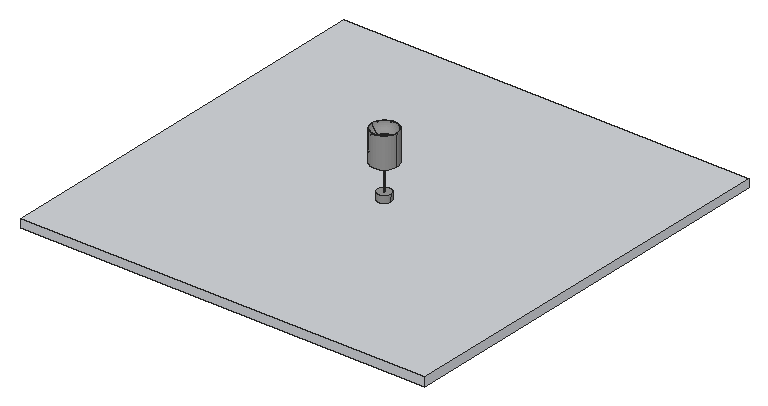
Revit family "LAMP_KOMBIC 150 SURFACE 3500 CRI80 OPAL", category Luminarias, Revit 2018
Family settings
  Anfitrión = Cara
  Cota de conector redondo = Diámetro de uso
  Tipo de pieza = Normal
  Corte con vacíos al cargar = No
  Origen de luz = Sí
  Compartido = No
  Punto de cálculo de habitación = No
Parameters (values of type "2673LM 3000K  M/B")
  Ángulo de inclinación = -90.00°
  Weight = 1.478 kg
  UGR = ""
  Type = "COB PHILIPS"
  Protection rating = "IP40"
  Product datasheet = "http://www.lamp.es/product-files/TECH/K21SF3540OP830NMB-EN.pdf"
  Product code = "K21SF3540OP830NMB"
  Product URL = "https://www.lamp.es/en/family/kombic-surface_474354"
  Power Supply = "220-240V 50/60Hz"
  Power = 25 W
  Plum = 28 W
  Modelo = Product code  # "K21SF3540OP830NMB"
  Model explanation = "Possibility of chossing between surface or suspended within the model"
  Material reflector = LAMP_PC Reflector Kombic Metalizado Mate
  Material floron = LAMP_Plástico genérico NG
  Material difusor = LAMP_PMMA Difusor Kombic
  Material cuerpo = LAMP_Plástico genérico NG
  Material cable suspension = LAMP_Acero genérico
  Manufacturer name = "LAMP"
  Manufacturer country = "Spain"
  Manufacturer URL = "http://www.lamp.es/en"
  MacAdam = "3"
  Luminaire type = "Suspended"
  Last update = "02/09/2021"
  Lamp = "COB LED"
  LED Lifetime = "50.000 L80 B10"
  Insulation class = "II"
  Installation instructions = "https://www.lamp.es/product-files/packed/by-family/474354_INS_all.zip"
  IEE = "A+"
  Height suspension [instance] = 200 mm
  Height distance [instance] = if(Surface, 0.1 mm, if(Ceiling rose, if(Height suspension > 38 mm, if(Height suspension < 2000 mm, Height suspension, 2000 mm), 38 mm), 37 mm))  # 200 mm
  Wattage = 28 W
  built-in parameter 1150107 = 3000 (stored number, unit not read)
  Surface [instance] = no
  built-in parameter 1150110 = 1 (stored number, unit not read)
  built-in parameter 1150109 = 1 (stored number, unit not read)
  built-in parameter 1150112 = 1 (stored number, unit not read)
  built-in parameter 1150113 = 1 (stored number, unit not read)
  built-in parameter 1114218 = 1 (stored number, unit not read)
  built-in parameter 1150137 = (empty or 0)
  built-in parameter 1150132 = 2
  built-in parameter 1150105 = 2646.9 (stored number, unit not read)
  built-in parameter 1150102 = (empty or 0)
  built-in parameter 1150106 = 26.469 (stored number, unit not read)
  Height = 180 mm
  Gear = "Electronic"
  Lumens = 2674 lm
  Finish = "Matte black RAL 9011"
  Color Filter = 16777215
  built-in parameter 1114217 = 1 (stored number, unit not read)
  built-in parameter 1150139 = (empty or 0)
  Fabricante = Manufacturer name  # "LAMP"
  Default Elevation = 1219.2 mm
  built-in parameter 1150104 = 8.8722 (stored number, unit not read)
  Efficacy = 95.5 lm/W
  Diameter = 150 mm
  built-in parameter 1150115 = 1 (stored number, unit not read)
  built-in parameter 1150114 = 1 (stored number, unit not read)
  built-in parameter 1150138 = (empty or 0)
  built-in parameter 1150134 = (empty or 0)
  Ceiling rose [instance] = not(Surface)  # yes
  Dimming Lamp Color Temperature Shift = (empty or 0)
  CRI = "80"
  Archivo de red fotométrica = "K21SF3540OP830NMB.IES"
  built-in parameter 1150133 = 10 (stored number, unit not read)
Types (12, lengths in mm): name | Product datasheet | Product code | Modelo | Material reflector | Material floron | Material cuerpo | Wattage | built-in parameter 1150107 | built-in parameter 1150105 | built-in parameter 1150106 | Lumens | Finish | built-in parameter 1150104 | Efficacy | built-in parameter 1150134 | Archivo de red fotométrica
  2673LM 3000K  M/B | "http://www.lamp.es/product-files/TECH/K21SF3540OP830NMB-EN.pdf" | "K21SF3540OP830NMB" | "K21SF3540OP830NMB" | LAMP_PC Reflector Kombic Metalizado Mate | LAMP_Plástico genérico NG | LAMP_Plástico genérico NG | 28 W | 3000 (stored number, unit not read) | 2646.9 (stored number, unit not read) | 26.469 (stored number, unit not read) | 2674 lm | "Matte black RAL 9011" | 8.8722 (stored number, unit not read) | 95.5 lm/W | (empty or 0) | "K21SF3540OP830NMB.IES"
  2673LM 3000K  M/W | "http://www.lamp.es/product-files/TECH/K21SF3540OP830NMW-EN.pdf" | "K21SF3540OP830NMW" | "K21SF3540OP830NMW" | LAMP_PC Reflector Kombic Metalizado Mate | LAMP_Plástico genérico BL | LAMP_Plástico genérico BL | 28 W | 3000 (stored number, unit not read) | 2646.9 (stored number, unit not read) | 26.469 (stored number, unit not read) | 2674 lm | "Matte white RAL 9010" | 8.8722 (stored number, unit not read) | 95.5 lm/W | (empty or 0) | "K21SF3540OP830NMW.IES"
  2759LM 3000K  W/B | "http://www.lamp.es/product-files/TECH/K21SF3540OP830NWB-EN.pdf" | "K21SF3540OP830NWB" | "K21SF3540OP830NWB" | LAMP_PC Reflector Kombic Blanco | LAMP_Plástico genérico NG | LAMP_Plástico genérico NG | 28 W | 3000 (stored number, unit not read) | 2730.1 (stored number, unit not read) | 27.301 (stored number, unit not read) | 2758 lm | "Matte black RAL 9011" | 9.1509 (stored number, unit not read) | 98.5 lm/W | (empty or 0) | "K21SF3540OP830NWB.IES"
  2759LM 3000K  W/W | "http://www.lamp.es/product-files/TECH/K21SF3540OP830NWW-EN.pdf" | "K21SF3540OP830NWW" | "K21SF3540OP830NWW" | LAMP_PC Reflector Kombic Blanco | LAMP_Plástico genérico BL | LAMP_Plástico genérico BL | 28 W | 3000 (stored number, unit not read) | 2730.1 (stored number, unit not read) | 27.301 (stored number, unit not read) | 2758 lm | "Matte white RAL 9010" | 9.1509 (stored number, unit not read) | 98.5 lm/W | (empty or 0) | "K21SF3540OP830NWW.IES"
  2784LM 4000K  M/B | "http://www.lamp.es/product-files/TECH/K21SF3540OP840NMB-EN.pdf" | "K21SF3540OP840NMB" | "K21SF3540OP840NMB" | LAMP_PC Reflector Kombic Metalizado Mate | LAMP_Plástico genérico NG | LAMP_Plástico genérico NG | 28 W | 4000 (stored number, unit not read) | 2755 (stored number, unit not read) | 27.55 (stored number, unit not read) | 2783.2 lm | "Matte black RAL 9011" | 9.2346 (stored number, unit not read) | 99.4 lm/W | 12 | "K21SF3540OP840NMB.IES"
  2784LM 4000K  M/W | "http://www.lamp.es/product-files/TECH/K21SF3540OP840NMW-EN.pdf" | "K21SF3540OP840NMW" | "K21SF3540OP840NMW" | LAMP_PC Reflector Kombic Metalizado Mate | LAMP_Plástico genérico BL | LAMP_Plástico genérico BL | 28 W | 4000 (stored number, unit not read) | 2755 (stored number, unit not read) | 27.55 (stored number, unit not read) | 2783.2 lm | "Matte white RAL 9010" | 9.2346 (stored number, unit not read) | 99.4 lm/W | 12 | "K21SF3540OP840NMW.IES"
  2788LM 3000K  BR/B | "http://www.lamp.es/product-files/TECH/K21SF3540OP830NRB-EN.pdf" | "K21SF3540OP830NRB" | "K21SF3540OP830NRB" | LAMP_PC Reflector Kombic Metalizado Brillante | LAMP_Plástico genérico NG | LAMP_Plástico genérico NG | 98 W | 3000 (stored number, unit not read) | 9662 (stored number, unit not read) | 96.62 (stored number, unit not read) | 9760.8 lm | "Matte black RAL 9011" | 9.2531 (stored number, unit not read) | 99.6 lm/W | (empty or 0) | "K21SF3540OP830NRB.IES"
  2788LM 3000K  BR/W | "http://www.lamp.es/product-files/TECH/K21SF3540OP830NRW-EN.pdf" | "K21SF3540OP830NRW" | "K21SF3540OP830NRW" | LAMP_PC Reflector Kombic Metalizado Brillante | LAMP_Plástico genérico BL | LAMP_Plástico genérico BL | 28 W | 3000 (stored number, unit not read) | 2760.6 (stored number, unit not read) | 27.606 (stored number, unit not read) | 2788.8 lm | "Matte white RAL 9010" | 9.2531 (stored number, unit not read) | 99.6 lm/W | (empty or 0) | "K21SF3540OP830NRW.IES"
  2874LM 4000K  W/B | "http://www.lamp.es/product-files/TECH/K21SF3540OP840NWB-EN.pdf" | "K21SF3540OP840NWB" | "K21SF3540OP840NWB" | LAMP_PC Reflector Kombic Blanco | LAMP_Plástico genérico NG | LAMP_Plástico genérico NG | 28 W | 4000 (stored number, unit not read) | 2843.7 (stored number, unit not read) | 28.437 (stored number, unit not read) | 2872.8 lm | "Matte black RAL 9011" | 9.5319 (stored number, unit not read) | 102.6 lm/W | 12 | "K21SF3540OP840NWB.IES"
  2874LM 4000K  W/W | "http://www.lamp.es/product-files/TECH/K21SF3540OP840NWW-EN.pdf" | "K21SF3540OP840NWW" | "K21SF3540OP840NWW" | LAMP_PC Reflector Kombic Blanco | LAMP_Plástico genérico BL | LAMP_Plástico genérico BL | 28 W | 4000 (stored number, unit not read) | 2843.7 (stored number, unit not read) | 28.437 (stored number, unit not read) | 2872.8 lm | "Matte white RAL 9010" | 9.5319 (stored number, unit not read) | 102.6 lm/W | 12 | "K21SF3540OP840NWW.IES"
  2904LM 4000K  BR/B | "http://www.lamp.es/product-files/TECH/K21SF3540OP840NRB-EN.pdf" | "K21SF3540OP840NRB" | "K21SF3540OP840NRB" | LAMP_PC Reflector Kombic Metalizado Brillante | LAMP_Plástico genérico NG | LAMP_Plástico genérico NG | 28 W | 4000 (stored number, unit not read) | 2874.2 (stored number, unit not read) | 28.742 (stored number, unit not read) | 2903.6 lm | "Matte black RAL 9011" | 9.634 (stored number, unit not read) | 103.7 lm/W | 12 | "K21SF3540OP840NRB.IES"
  2904LM 4000K  BR/W | "http://www.lamp.es/product-files/TECH/K21SF3540OP840NRW-EN.pdf" | "K21SF3540OP840NRW" | "K21SF3540OP840NRW" | LAMP_PC Reflector Kombic Metalizado Brillante | LAMP_Plástico genérico BL | LAMP_Plástico genérico BL | 28 W | 4000 (stored number, unit not read) | 2874.2 (stored number, unit not read) | 28.742 (stored number, unit not read) | 2903.6 lm | "Matte white RAL 9010" | 9.634 (stored number, unit not read) | 103.7 lm/W | 12 | "K21SF3540OP840NRW.IES"
Reference planes
  plane 1 "Centro (Frontal/Posterior)": y = 0
  plane 2: z = 0
  plane 3 "Centro (Izquierda/Derecha)": x = 0
Forms (mm)
  Extrusion 1, solid
    sketch origin (0, 0, 0) x (1, 0, 0) y (0, 1, 0)
      loop
        line (-1219.2, 1219.2) -> (-1219.2, -1219.2) -> (1219.2, -1219.2) -> (1219.2, 1219.2) -> (-1219.2, 1219.2)
    from 0 to -50
  Extrusion 2, solid, material "LAMP_Plástico genérico NG" <- "Material cuerpo"
    sketch origin (0, 0, 0) x (1, 0, 0) y (0, 1, 0)
      loop
        circle (0, 0) r 77.5
    from 200 to 380
  Extrusion 3, void
    sketch origin (0, 0, 0) x (1, 0, 0) y (0, 1, 0)
      loop
        circle (0, 0) r 76.5
    from 270.588 to 380
  Sweep 4, solid, material "LAMP_PC Reflector Kombic Metalizado Mate" <- "Material reflector"
    path origin (105.103, -251.845, 380) x (1, 0, 0) y (0, 1, 0)
      loop
        circle (-105.103, 251.959) r 48
    profile origin (0, 48.114, 380) x (0, -1, 0) y (0, 0, 1)
      loop
        arc (-28.386, 0) -> (-15.5, -31.664) -> (14.364, -48.3) r 51.542
        line (14.364, -48.3) -> (14.364, -47.3)
        arc (14.364, -47.3) -> (-14.949, -31.098) -> (-27.386, 0) r 49.836
        line (-27.386, 0) -> (-28.386, 0)
  Extrusion 5, solid, material "LAMP_PMMA Difusor Kombic" <- "Material difusor"
    sketch origin (0, 0, 0) x (1, 0, 0) y (0, 1, 0)
      loop
        circle (0, 0) r 33.636
    from 331.7 to 332.7
  Extrusion 6, solid, material "LAMP_Plástico genérico NG" <- "Material floron", visible <- "Ceiling rose"
    sketch origin (0, 0, 0) x (1, 0, 0) y (0, 1, 0)
      loop
        circle (0, 0) r 42
    from 0 to 37
  Extrusion 7, solid, material "LAMP_Acero genérico" <- "Material cable suspension", visible <- "Ceiling rose"
    sketch origin (0, 0, 0) x (1, 0, 0) y (0, 1, 0)
      loop
        circle (0, 0) r 1
    from 37 to 200
Cuts and joins
  Extrusion 3 cuts Extrusion 2
Text (mm)
  text "Any modification of the parameters and properties of the LAMP BIM models must be executed and validated by the LAMP technical department.\nPhone: +34 93 736 68 00\nE-mail: lamp@lamp.es\n\nLAMP reserves the right to modify the technical specifications of its products." at (1856.491, -4316.333, -2622.127), in view "Preview"
Dimensions and locks
  "Height distance": Extrusion 2 to Extrusion 1
  locked: Extrusion 2 to Extrusion 2 at 180
  locked: cut or joined group of Extrusion 2, Extrusion 3 to cut or joined group of Extrusion 2, Extrusion 3 at 109.412
  aligned and locked: plane 2 to Extrusion 1
  aligned and locked: level to Extrusion 1
  aligned and locked: Extrusion 2 to Extrusion 3
  aligned and locked: Extrusion 7 to Extrusion 6
  aligned and locked: Extrusion 7 to cut or joined group of Extrusion 2, Extrusion 3
  aligned and locked: imposter light to cut or joined group of Extrusion 2, Extrusion 3
  aligned and locked: Extrusion 5 to Sweep 4  (x2)
Automatic sketch dimensions
  Extrusion 1 sketch curve to Extrusion 1 sketch curve = 2438.4 mm  (x2)
  plane 1 "Centro (Frontal/Posterior)" to Extrusion 2 sketch curve = 0 mm
  Extrusion 2 sketch curve to plane 3 "Centro (Izquierda/Derecha)" = 0 mm
  plane 1 "Centro (Frontal/Posterior)" to Extrusion 3 sketch curve = 0 mm
  Extrusion 3 sketch curve to plane 3 "Centro (Izquierda/Derecha)" = 0 mm
  plane 1 "Centro (Frontal/Posterior)" to Extrusion 6 sketch curve = 0 mm
  Extrusion 6 sketch curve to plane 3 "Centro (Izquierda/Derecha)" = 0 mm
  plane 1 "Centro (Frontal/Posterior)" to Extrusion 7 sketch curve = 0 mm
  Extrusion 7 sketch curve to plane 3 "Centro (Izquierda/Derecha)" = 0 mm
  Sweep 4 sketch curve to profile plane = 0 mm
  profile plane to Sweep 4 sketch curve = 28.386 mm
  profile plane to Sweep 4 sketch curve = 1.881 mm
  Sweep 4 sketch curve to profile plane = 22.414 mm
  Sweep 4 sketch curve to Sweep 4 sketch curve = 0.681 mm
  Sweep 4 sketch curve to Sweep 4 sketch curve = 1 mm  (x2)
  Sweep 4 sketch curve to profile plane = 14.364 mm
  plane 1 "Centro (Frontal/Posterior)" to Extrusion 5 sketch curve = 0 mm
  Extrusion 5 sketch curve to plane 3 "Centro (Izquierda/Derecha)" = 0 mm
  radius of Extrusion 2 sketch curve = 77.5 mm
  radius of Extrusion 3 sketch curve = 76.5 mm
  radius of Sweep 4 sketch curve = 48 mm
  radius of Extrusion 6 sketch curve = 42 mm
  radius of Extrusion 7 sketch curve = 1 mm
  radius of Extrusion 5 sketch curve = 33.636 mm
Connectors
  electrical at (0, 0, 200)
    settings: on cut or joined group of Extrusion 2, Extrusion 3, index 1, voltage 230 V, apparent load 0 VA, apparent load phase1 0 VA, apparent load phase2 0 VA, apparent load phase3 0 VA, power factor 1, load classification "Otro", number of poles 1, system type 31, power factor state 1, is connector primary yes, connector utility no, sub classification motor no, connector description ""
